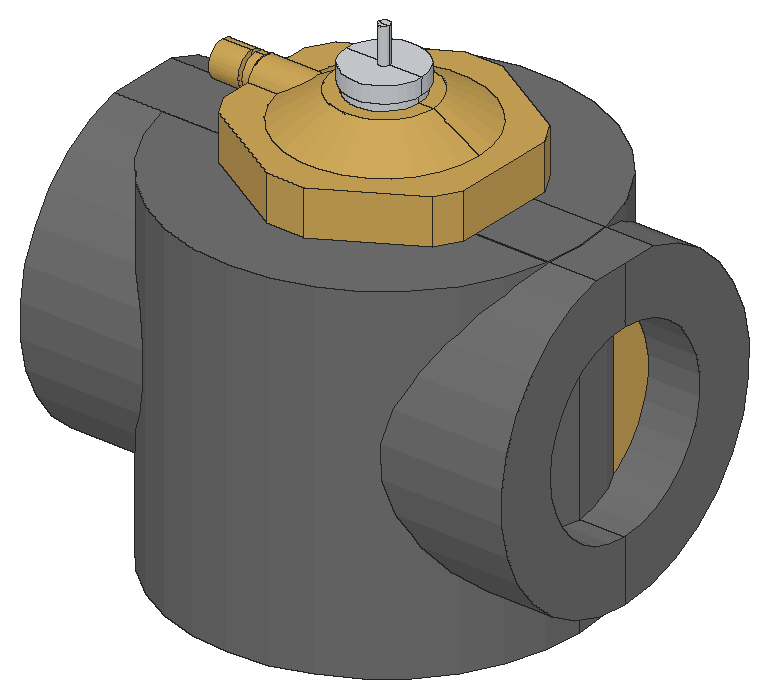
Revit family "Differenzdruckregler 4002 FIX TS 23kPa", category Rohrzubehör, Revit 2018
Family settings
  Bemaßung runder Anschluss = Durchmesser verwenden
  Teiletyp = Unterbricht
  OmniClass-Nummer = 23.65.55.14
  OmniClass-Titel = Valves for Liquid Services
  Arbeitsebenenbasiert = Nein
  Immer vertikal = Ja
  Beim Laden mit Abzugskörper schneiden = Nein
  Gemeinsam genutzt = Nein
Parameters (values of type "Mit Dämmung")
  y2 [instance] = K14 + K9 + H01  # 72.649 mm
  y1 [instance] = (R03 * 2) + R05  # 140.000 mm
  k25 = 9.000 mm
  k24 = 13.000 mm
  k23 = 6.000 mm
  k22 = 22.000 mm
  k21 = 13.000 mm
  k20 = 14.000 mm
  k19 = 2.000 mm
  Min. Betriebstemperatur (Frostschutz) = -20 °C  # constant formula
  Max. zulässige Betriebstemperatur bis DN32 = 130 °C  # constant formula
  Max. zulässige Betriebstemperatur DN40 - DN50 = 110 °C  # constant formula
  Max. Differenzdruck am Gehäuse = 400000.0 Pa  # constant formula
  Max. Betriebsdruck = 1600000.0 Pa  # constant formula
  Ventilschaft = "Edelstahl 14301"  # constant formula
  VRL01 [instance] = 30.000 mm  # constant formula
  V12 = 17.000 mm  # constant formula
  V10 = 16.000 mm  # constant formula
  V09 [instance] = 11.000 mm  # constant formula
  V08 [instance] = G01 + 3.000 mm  # 38.000 mm
  V03 [instance] = G01 + 5.000 mm  # 40.000 mm
  V02 [instance] = V01 + 4.500 mm  # 29.500 mm
  V01 [instance] = Nennweite / 2  # 25.000 mm
  URL = "www.herz-armaturen.at"
  SCRNSEQ = "ARM;ARM_TYP=\"DIFR\";2"
  SCRNCODE = "05;03;4"  # constant formula
  S07 = 10.000 mm  # constant formula
  S05 [instance] = S01 - 1.000 mm  # 25.000 mm
  S04 [instance] = S02 - 1.000 mm  # 27.000 mm
  S03 [instance] = size_lookup("4002_FIX_TS_23", "S03", 26.500 mm, Nennweite)  # 37.700 mm
  S02 [instance] = size_lookup("4002_FIX_TS_23", "S02", 19.000 mm, Nennweite)  # 28.000 mm
  S01 [instance] = size_lookup("4002_FIX_TS_23", "S01", 14.850 mm, Nennweite)  # 26.000 mm
  Regleranschlussmutter = "Messing CW614N"  # constant formula
  Regelbereich = "FIX 23kPa"  # constant formula
  R06 [instance] = size_lookup("4002_FIX_TS_23", "R06", 14.500 mm, Nennweite)  # 14.500 mm
  R05 [instance] = size_lookup("4002_FIX_TS_23", "R05", 41.000 mm, Nennweite)  # 104.000 mm
  R04 [instance] = size_lookup("4002_FIX_TS_23", "R04", 12.500 mm, Nennweite)  # 14.500 mm
  R03 [instance] = size_lookup("4002_FIX_TS_23", "R03", 8.000 mm, Nennweite)  # 18.000 mm
  R02 = 14.500 mm  # constant formula
  R01 [instance] = size_lookup("4002_FIX_TS_23", "R01", 11.500 mm, Nennweite)  # 37.600 mm
  Min. Betriebstemperatur (reines Wasser) = 2 °C  # constant formula
  O-Ringe = "EPDM"  # constant formula
  Nennweite [instance] = 50.000 mm
  Membrangehäuse = "Messing CW602N"  # constant formula
  Membrane = "EPDM"  # constant formula
  Medium = "Wasserbeschaffenheit nach ÖNORM H 5195 und VDI 2035\r\nDie Verwendung von Ethylen- und Propylenglykol ist im\r\nMischungsverhältnis 25 - 50 Vol.-% zulässig."
  L07 [instance] = size_lookup("4002_FIX_TS_23", "L07", 33.000 mm, Nennweite)  # 70.000 mm
  L06 = 7.000 mm  # constant formula
  L [instance] = size_lookup("4002_FIX_TS_23", "L", 66.000 mm, Nennweite)  # 140.000 mm
  K9 = 4.000 mm  # constant formula
  K8 = 55.000 mm  # constant formula
  K7 = 8.700 mm  # constant formula
  K6 = 11.700 mm  # constant formula
  K5 = 13.000 mm  # constant formula
  K4 = 12.000 mm  # constant formula
  K3 = 15.000 mm  # constant formula
  K2 = 2.350 mm  # constant formula
  K18 = 89.000 mm  # constant formula
  K17 = 66.700 mm  # constant formula
  K16 = 3.000 mm  # constant formula
  K15 = 26.649 mm  # constant formula
  K14 = 16.649 mm  # constant formula
  K13 = 16.649 mm  # constant formula
  K12 = 10.000 mm  # constant formula
  K11 = 35.000 mm  # constant formula
  K10 = 18.250 mm  # constant formula
  K1.1 = 2.350 mm  # constant formula
  K1 = 7.651 mm - 1.000 mm  # 6.651 mm
  J9 = 15.700 mm  # constant formula
  J8 = 7.850 mm  # constant formula
  J7 = 15.897 mm  # constant formula
  J6 = 3.900 mm  # constant formula
  J5 = 6.500 mm  # constant formula
  J4 = 1.500 mm  # constant formula
  J3 = 3.200 mm  # constant formula
  J2 = 11.000 mm  # constant formula
  J11 = 3.500 mm  # constant formula
  J10 = 18.897 mm  # constant formula
  J1 = 6.500 mm  # constant formula
  Hersteller = "HERZ-Armaturen Ges.m.b.H"  # constant formula
  H2 [instance] = size_lookup("4002_FIX_TS_23", "H2", 28.000 mm, Nennweite)  # 58.000 mm
  H1 [instance] = K1 + K2 + K3 + K4 + K5 + K7 + K8 + K16 + 16.650 mm  # 132.351 mm
  H04 = 4.000 mm  # constant formula
  H03 = 9.800 mm  # constant formula
  H02 [instance] = size_lookup("4002_FIX_TS_23", "H02", 53.000 mm, Nennweite)  # 107.000 mm
  H01 [instance] = size_lookup("4002_FIX_TS_23", "H01", 25.000 mm, Nennweite)  # 52.000 mm
  Gehäuse = "DZR Messing CC770S"  # constant formula
  G01 [instance] = size_lookup("4002_FIX_TS_23", "G01", 13.220 mm, Nennweite)  # 35.000 mm
  Hinweise zum Material = "Gemäß Art 33 der REACH-Verordnung (EG Nr. 1907/2006) sind wir verpflichtet, darauf hinzuweisen,\r\ndass der Stoff Blei auf der SVHC-Liste geführt wird und dass alle aus Messing bestehenden Bauteile,\r\ndie in unseren Erzeugnissen verarbeitet sind, mehr als 0,1 % (w/w) Blei (CAS: 7439-92-1 / EINECS:\r\n231-100-4) enthalten. Da Blei als Legierungsbestandteil fest gebunden ist, sind keine Expositionen zu\r\nerwarten und daher sind keine zusätzlichen Angaben zur sicheren Verwendung notwendig.\r\n\r\nIm Hanf enthaltenes Ammoniak schädigt\r\nMessingventilgehäuse, EPDM Dichtungen werden durch\r\nMineralöle bzw. mineralölhaltige Schmierstoffe aufgequollen\r\nund führen somit zum Ausfall der EPDM-Dichtungen. Für\r\nFrost- und Korrosionsschutzmittel auf der Basis von Ethylen- und Propylenglykol sind die entsprechenden\r\nAngaben den Unterlagen des Herstellers zu entnehmen."
  Dämmung = yes
  Dämmschale = "EPP (expandiertes Polypropylen)"  # constant formula
  Druckfeder = "Federstahl, rost-und säurebeständig"  # constant formula
  DN50 [instance] = Nennweite = 50.000 mm  # yes
  DN40 [instance] = Nennweite = 40.000 mm  # no
  DN32-40 [instance] = or(Nennweite = 32.000 mm, Nennweite = 40.000 mm)  # no
  DN32 [instance] = Nennweite = 32.000 mm  # no
  DN25 [instance] = Nennweite = 25.000 mm  # no
  DN20 [instance] = Nennweite = 20.000 mm  # no
  DN15-25 [instance] = or(Nennweite = 15.000 mm, Nennweite = 20.000 mm, Nennweite = 25.000 mm)  # no
  DN15,20,25,32,50 [instance] = or(Nennweite = 15.000 mm, Nennweite = 20.000 mm, Nennweite = 25.000 mm, Nennweite = 32.000 mm, Nennweite = 50.000 mm)  # yes
  DN15 [instance] = Nennweite = 15.000 mm  # no
  D07 [instance] = if(Nennweite = 15.000 mm, 32.000 mm, if(Nennweite = 20.000 mm, 33.000 mm, if(Nennweite = 25.000 mm, 33.000 mm, if(Nennweite = 32.000 mm, 49.000 mm, if(Nennweite = 40.000 mm, 57.560 mm, if(Nennweite = 50.000 mm, 57.560 mm, 0.000 mm))))))  # 57.560 mm
  D06 [instance] = if(Nennweite = 15.000 mm, 32.000 mm, if(Nennweite = 20.000 mm, 33.000 mm, if(Nennweite = 25.000 mm, 33.000 mm, if(Nennweite = 32.000 mm, 49.000 mm, if(Nennweite = 40.000 mm, 57.560 mm, if(Nennweite = 50.000 mm, 57.560 mm, 0.000 mm))))))  # 57.560 mm
  D05 [instance] = if(Nennweite = 15.000 mm, 36.750 mm, if(Nennweite = 20.000 mm, 40.700 mm, if(Nennweite = 25.000 mm, 49.200 mm, if(Nennweite = 32.000 mm, 54.150 mm, if(Nennweite = 40.000 mm, 60.750 mm, if(Nennweite = 50.000 mm, 72.700 mm, 0.000 mm))))))  # 72.700 mm
  D04 [instance] = if(Nennweite = 15.000 mm, 78.500 mm, if(Nennweite = 20.000 mm, 82.000 mm, if(Nennweite = 25.000 mm, 84.000 mm, if(Nennweite = 32.000 mm, 120.000 mm, if(Nennweite = 40.000 mm, 130.000 mm, if(Nennweite = 50.000 mm, 130.500 mm, 0.000 mm))))))  # 130.500 mm
  D03 [instance] = if(Nennweite = 15.000 mm, 96.000 mm, if(Nennweite = 20.000 mm, 110.000 mm, if(Nennweite = 25.000 mm, 112.000 mm, if(Nennweite = 32.000 mm, 152.000 mm, if(Nennweite = 40.000 mm, 170.000 mm, if(Nennweite = 50.000 mm, 179.000 mm, 0.000 mm))))))  # 179.000 mm
  D02 [instance] = size_lookup("4002_FIX_TS_23", "R05", 41.000 mm, Nennweite)  # 104.000 mm
  D01 [instance] = size_lookup("4002_FIX_TS_23", "G01", 13.220 mm, Nennweite)  # 35.000 mm
  Bestellnummer Dämmung [instance] = if(and(Dämmung, Nennweite = 15.000 mm), 1409611, if(and(Dämmung, Nennweite = 20.000 mm), 1409612, if(and(Dämmung, Nennweite = 25.000 mm), 1409613, if(and(Dämmung, Nennweite = 32.000 mm), 1409614, if(and(Dämmung, Nennweite = 40.000 mm), 1409615, if(and(Dämmung, Nennweite = 50.000 mm), 1409616, 0))))))  # 1409616
  Bestellnummer [instance] = size_lookup("4002_FIX_TS_23", "Artnr", 0, Nennweite)  # 1400286
  B2 [instance] = size_lookup("4002_FIX_TS_23", "B2", 31.000 mm, Nennweite)  # 41.000 mm
  B1 [instance] = size_lookup("4002_FIX_TS_23", "B1", 26.000 mm, Nennweite)  # 41.000 mm
  B04 = 100.649 mm  # constant formula
  B03 = 44.500 mm  # constant formula
  B02 = 104.688 mm  # constant formula
  B01 = 10.000 mm  # constant formula
  Anwendungsgebiet = "Der Differenzdruckregler ist ein Regler mit linearer Kennlinie in Geradsitzausführung und arbeitet ohne Hilfsenergie. Der Differenzdruck-Sollwert beträgt 23 kPa, 50 kPa bzw 13 kPa. Im Lieferumfang enthalten ist die Impulsleitung (1000 mm), diese ist mit einem Strangregulierventil im Vorlauf zu verbinden."
  Anschlussnippel = "Messing CW602N"  # constant formula
  Anschlussgewinde für Antrieb = "Messing CW602N"  # constant formula
Types (2, lengths in mm): name | y2 | y1 | V08 | V03 | V02 | V01 | S05 | S04 | S03 | S02 | S01 | R05 | R04 | R03 | R01 | Nennweite | L07 | L | H2 | H02 | H01 | G01 | Dämmung | DN50 | DN15-25 | DN15 | D07 | D06 | D05 | D04 | D03 | D02 | D01 | Bestellnummer Dämmung | Bestellnummer | B2 | B1
  Ohne Dämmung | 45.649 | 66.000 | 16.220 | 18.220 | 12.000 | 7.500 | 13.850 | 18.000 | 25.600 | 19.000 | 14.850 | 50.000 | 12.500 | 8.000 | 11.500 | 15.000 | 33.000 | 66.000 | 28.000 | 53.000 | 25.000 | 13.220 | no | no | yes | yes | 32.000 | 32.000 | 36.750 | 78.500 | 96.000 | 50.000 | 13.220 | 0 | 1400281 | 31.000 | 26.000
  Mit Dämmung | 72.649 | 140.000 | 38.000 | 40.000 | 29.500 | 25.000 | 25.000 | 27.000 | 37.700 | 28.000 | 26.000 | 104.000 | 14.500 | 18.000 | 37.600 | 50.000 | 70.000 | 140.000 | 58.000 | 107.000 | 52.000 | 35.000 | yes | yes | no | no | 57.560 | 57.560 | 72.700 | 130.500 | 179.000 | 104.000 | 35.000 | 1409616 | 1400286 | 41.000 | 41.000
Reference planes
  plane 1 "Mitte (Vorne/hinten)": y = 0
  plane 2: z = 0
  plane 3 "Mitte (Links/rechts)": x = 0
Forms (mm)
  Revolve 1, solid, material "Messing, weicher Gelbton, geschweißt", detail levels fine
    sketch origin (0, 0, 0) x (1, 0, 0) y (0, 0, 1)
      loop
        line (-70, 0) -> (70, 0) -> (70, 35) -> (52, 35) -> (52, 37.6) -> (-52, 37.6) -> (-52, 35) -> (-70, 35) -> (-70, 0)
      axis (-70, 0) -> (70, 0)
    angle from 0 to 360
  Revolve 2, solid, material "Messing, weicher Gelbton, geschweißt", detail levels fine
    sketch origin (0, 0, 0) x (1, 0, 0) y (0, 0, 1)
      loop
        line (0, -58) -> (0, 0) -> (-27, 0) -> (-27, -48.2) -> (-28, -48.2) -> (-28, -58) -> (0, -58)
      axis (0, 0) -> (0, -58)
    angle from 0 to 360
  Extrusion 3, solid, material "Messing, weicher Gelbton, geschweißt", detail levels fine
    sketch origin (0, 0, 0) x (0, -1, 0) y (1, 0, 0)
      loop
        line (-46, -7.038) -> (-27.114, -39.75) -> (-18.886, -44.5) -> (18.886, -44.5) -> (27.114, -39.75) -> (46, -7.038) -> (46, 7.038) -> (27.114, 39.75) -> (18.886, 44.5) -> (-18.886, 44.5) -> (-27.114, 39.75) -> (-46, 7.038) -> (-46, -7.038)
    from 56 to 72.649
  Revolve 4, solid, material "Messing, weicher Gelbton, geschweißt", detail levels fine
    sketch origin (0, 0, -7.051) x (1, 0, 0) y (0, 0, 1)
      loop
        line (0, 79.7) -> (0, 89.7) -> (-18.25, 89.7) -> (-35, 79.7) -> (0, 79.7)
      axis (0, 89.7) -> (0, 79.7)
    angle from 0 to 360
  Revolve 5, solid, material "Messing, weicher Gelbton, geschweißt", visible <- "DN15-25", detail levels fine
    sketch origin (-11, 0, 0) x (1, 0, 0) y (0, 1, 0)
      loop
        line (-3.5, 41) -> (-11.2, 41) -> (-11.2, 0) -> (-3.5, 0) -> (-3.5, 41)
      axis (-3.5, 0) -> (-3.5, 41)
    angle from 0 to 360
  Revolve 6, solid, material "Messing, weicher Gelbton, geschweißt", detail levels fine
    sketch origin (-0.988, 0, -6.853) x (-1, 0, 0) y (0, 0, 1)
      loop
        line (43.5, 78.75) -> (59.2, 78.75) -> (59.2, 85.25) -> (48.2, 85.25) -> (48.2, 82.65) -> (46.7, 82.65) -> (46.7, 85.25) -> (43.5, 85.25) -> (43.5, 78.75)
      axis (43.5, 78.75) -> (59.2, 78.75)
    angle from 0 to 360
  Extrusion 7, solid, material "Messing, weicher Gelbton, geschweißt", detail levels fine
    sketch origin (0, 0, 0) x (0, 1, 0) y (0, 0, -1)
      loop
        line (7.85, -70.547) -> (7.85, -59.5) -> (-7.85, -59.5) -> (-7.85, -70.547)
        arc (-7.85, -70.547) -> (0, -78.397) -> (7.85, -70.547) r 7.85
    from 0 to 44.5
  Revolve 8, solid, material "Messing, weicher Gelbton, geschweißt", visible <- "DN15-25", detail levels fine
    sketch origin (-2, 0, 0) x (1, 0, 0) y (0, 1, 0)
      loop
        line (-12.5, 0) -> (-21.5, 0) -> (-21.5, -41) -> (-12.5, -41) -> (-12.5, 0)
      axis (-12.5, 0) -> (-12.5, -41)
    angle from 0 to 360
  Revolve 9, solid, material "Messing, weicher Gelbton, geschweißt", visible <- "DN15-25", detail levels fine
    sketch origin (2, 0, 0) x (1, 0, 0) y (0, 1, 0)
      loop
        line (12.5, 0) -> (12.5, -41) -> (21.6, -41) -> (21.6, 0) -> (12.5, 0)
      axis (12.5, 0) -> (12.5, -41)
    angle from 0 to 360
  Extrusion 10, solid, material "Messing, weicher Gelbton, geschweißt", visible <- "DN32", detail levels fine
    sketch origin (-31.5, 0, 0) x (1, 0, 0) y (0, 1, 0)
      loop
        circle (63, 0) r 6.578
      loop
        circle (63, 0) r 3.28
    from -47 to 0
  Extrusion 11, solid, material "Messing, weicher Gelbton, geschweißt", visible <- "DN32", detail levels fine
    sketch origin (31.5, 0, 0) x (-1, 0, 0) y (0, -1, 0)
      loop
        circle (63, 0) r 6.578
      loop
        circle (63, 0) r 3.28
    from -47 to 0
  Revolve 12, solid, material "Messing, weicher Gelbton, geschweißt", detail levels fine
    sketch origin (0, 0, 0) x (1, 0, 0) y (0, 0, 1)
      loop
        line (-25, 0) -> (0, 0) -> (0, 56) -> (-21, 56) -> (-21, 52) -> (-26, 52) -> (-26, 42.2) -> (-25, 42.2) -> (-25, 0)
      axis (0, 56) -> (0, 0)
    angle from 0 to 360
  Extrusion 13, solid, material "Messing, weicher Gelbton, geschweißt", visible <- "DN40", detail levels fine
    sketch origin (29.382, 0, 0) x (-1, 0, 0) y (0, -1, 0)
      loop
        circle (63, 0) r 6.578
      loop
        circle (63, 0) r 3.28
    from -58 to 0
  Extrusion 14, solid, material "Messing, weicher Gelbton, geschweißt", visible <- "DN40", detail levels fine
    sketch origin (-29.455, 0, 0) x (1, 0, 0) y (0, 1, 0)
      loop
        circle (63, 0) r 6.578
      loop
        circle (63, 0) r 3.28
    from -58 to 0
  Extrusion 15, solid, material "Messing, weicher Gelbton, geschweißt", visible <- "DN50", detail levels fine
    sketch origin (28.422, 0, 0) x (-1, 0, 0) y (0, -1, 0)
      loop
        circle (63, 0) r 6.578
      loop
        circle (63, 0) r 3.28
    from -58 to 0
  Extrusion 16, solid, material "Messing, weicher Gelbton, geschweißt", visible <- "DN50", detail levels fine
    sketch origin (-28.422, 0, 0) x (1, 0, 0) y (0, 1, 0)
      loop
        circle (63, 0) r 6.578
      loop
        circle (63, 0) r 3.28
    from -58 to 0
  Revolve 17, solid, material "Messing, weicher Gelbton, geschweißt", visible <- "DN32-40", detail levels fine
    sketch origin (-11, 0, 0) x (1, 0, 0) y (0, 1, 0)
      loop
        line (-3.5, -41) -> (-3.5, 0) -> (-11.2, 0) -> (-11.2, -41) -> (-3.5, -41)
      axis (-3.5, 0) -> (-3.5, -41)
    angle from 0 to 360
  Revolve 18, solid, material "Messing, weicher Gelbton, geschweißt", not visible, detail levels fine
    sketch origin (10.652, 0, 0) x (-1, 0, 0) y (0, 0, 1)
      loop
        line (80.652, 0) -> (110.652, 0) -> (110.652, 25) -> (93.652, 25) -> (93.652, 29.5) -> (84.652, 29.5) -> (84.652, 40) -> (77.652, 40) -> (77.652, 38) -> (62.652, 38) -> (62.652, 35) -> (80.652, 35) -> (80.652, 0)
      axis (62.652, 0) -> (110.652, 0)
    angle from 0 to 360
  Revolve 19, solid, material "Messing, weicher Gelbton, geschweißt", not visible, detail levels fine
    sketch origin (-9.448, 0, 0) x (1, 0, 0) y (0, 0, 1)
      loop
        line (79.448, 0) -> (109.448, 0) -> (109.448, 25) -> (92.448, 25) -> (92.448, 29.5) -> (83.448, 29.5) -> (83.448, 40) -> (76.448, 40) -> (76.448, 38) -> (61.448, 38) -> (61.448, 35) -> (79.448, 35) -> (79.448, 0)
      axis (61.448, 0) -> (109.448, 0)
    angle from 0 to 360
  Revolve 20, solid, detail levels fine
    sketch origin (0, 0, 0) x (1, 0, 0) y (0, 0, 1)
      loop
        line (0, 82.649) -> (0, 104.649) -> (-2, 104.649) -> (-2, 91.649) -> (-14, 91.649) -> (-14, 85.649) -> (-13, 85.649) -> (-13, 82.649) -> (0, 82.649)
      axis (0, 104.649) -> (0, 82.649)
    angle from 0 to 360
  Revolve 21, solid, material "Kunststoff-Anthrazit/Schwarz", visible <- "Dämmung", detail levels fine
    sketch origin (0, 0, 0) x (1, 0, 0) y (0, 0, 1)
      loop
        line (89.5, 57.56) -> (-89.5, 57.56) -> (-89.5, 35) -> (-52, 35) -> (-52, 0) -> (0, 0) -> (52, 0) -> (52, 35) -> (89.5, 35) -> (89.5, 57.56)
      axis (-89.5, 0) -> (89.5, 0)
    angle from 0 to 360
  Revolve 22, solid, material "Kunststoff-Anthrazit/Schwarz", visible <- "Dämmung", detail levels fine
    sketch origin (0, 0, 0) x (1, 0, 0) y (0, 0, 1)
      loop
        line (0, -72.94) -> (72.7, -72.94) -> (72.7, 57.56) -> (0, 57.56) -> (0, -72.94)
      axis (0, 57.56) -> (0, -72.94)
    angle from 0 to 360
  Extrusion 23, void
    sketch origin (-283.267, -47.5, 0) x (1, 0, 0) y (0, 1, 0)
      loop
        line (192.065, -46.754) -> (378.267, -46.754) -> (378.267, 136.9) -> (192.065, 136.9) -> (192.065, -46.754)
    from 56 to 72.649
  Extrusion 24, void
    sketch origin (-265.832, -47.5, 0) x (1, 0, 0) y (0, 1, 0)
      loop
        line (148.665, -27.107) -> (383, -27.107) -> (383, 142.5) -> (148.665, 142.5) -> (148.665, -27.107)
    from 56 to 72.649
Cuts and joins
  Extrusion 23 cuts Revolve 21
  Extrusion 24 cuts Revolve 22
Lines and regions (mm)
  model lines, detail levels coarse+medium
    curve 1: line (70, -35, 0) -> (70, 35, 0)
    curve 2: line (70, 35, 0) -> (-70, -35, 0)
    curve 3: line (-70, -35, 0) -> (-70, 35, 0)
    curve 4: line (-70, 35, 0) -> (70, -35, 0)
    curve 5: line (0, -42, 0) -> (0, -56, 0)
    curve 6: spline (-44.5, -64.324, 0) -> (-42.984, -62.17, 0) -> (-38.538, -60.162, 0) -> (-31.466, -58.438, 0) -> (-22.25, -57.115, 0) -> (-11.517, -56.284, 0) -> (0, -56, 0) -> (11.517, -56.284, 0) -> (22.25, -57.115, 0) -> (31.466, -58.438, 0) -> (38.538, -60.162, 0) -> (42.984, -62.17, 0) -> (44.5, -64.325, 0) -> (42.984, -66.479, 0) -> (38.538, -68.487, 0) -> (31.466, -70.211, 0) -> (22.25, -71.534, 0) -> (11.517, -72.365, 0) -> (0, -72.649, 0) -> (-11.517, -72.365, 0) -> (-22.25, -71.534, 0) -> (-31.466, -70.211, 0) -> (-38.538, -68.487, 0) -> (-42.984, -66.479, 0) -> (-44.5, -64.324, 0)
    curve 7: line (-70, 0, 35) -> (-70, 0, -35)
    curve 8: line (-70, 0, -35) -> (70, 0, 35)
    curve 9: line (70, 0, 35) -> (70, 0, -35)
    curve 10: line (70, 0, -35) -> (-70, 0, 35)
    curve 11: line (0, 0, 35) -> (0, 0, 56)
    curve 12: spline (-44.5, 0, 64.325) -> (-42.984, 0, 66.479) -> (-38.538, 0, 68.487) -> (-31.466, 0, 70.211) -> (-22.25, 0, 71.534) -> (-11.517, 0, 72.365) -> (0, 0, 72.649) -> (11.517, 0, 72.365) -> (22.25, 0, 71.534) -> (31.466, 0, 70.211) -> (38.538, 0, 68.487) -> (42.984, 0, 66.479) -> (44.5, 0, 64.324) -> (42.984, 0, 62.17) -> (38.538, 0, 60.162) -> (31.466, 0, 58.438) -> (22.25, 0, 57.115) -> (11.517, 0, 56.284) -> (0, 0, 56) -> (-11.517, 0, 56.284) -> (-22.25, 0, 57.115) -> (-31.466, 0, 58.438) -> (-38.538, 0, 60.162) -> (-42.984, 0, 62.17) -> (-44.5, 0, 64.325)
    curve 13: line (0, 0, 35) -> (35, 0, 17.5)
    curve 14: line (0, 0, 35) -> (-35, 0, 17.5)
    curve 15: line (70, 0, 0) -> (100, 0, 0)
    curve 16: line (-70, 0, 0) -> (-100, 0, 0)
    curve 17: line (0, -42, 0) -> (-18.2, -9.1, 0)
    curve 18: line (0, -42, 0) -> (18.2, -9.1, 0)
    curve 19: line (70, 0, 35) -> (70, 0, -35)
    curve 20: line (70, 0, 35) -> (80, 0, 35)
    curve 21: line (80, 0, 35) -> (70, 0, 0)
    curve 22: line (80, 0, -35) -> (70, 0, 0)
    curve 23: line (70, 0, -35) -> (80, 0, -35)
    curve 24: line (-70, 0, 35) -> (-70, 0, -35)
    curve 25: line (-70, 0, 35) -> (-80, 0, 35)
    curve 26: line (-80, 0, 35) -> (-70, 0, 0)
    curve 27: line (-80, 0, -35) -> (-70, 0, 0)
    curve 28: line (-70, 0, -35) -> (-80, 0, -35)
    curve 29: line (-70, 35, 0) -> (-80, 35, 0)
    curve 30: line (-80, 35, 0) -> (-70, 0, 0)
    curve 31: line (-70, -35, 0) -> (-80, -35, 0)
    curve 32: line (-80, -35, 0) -> (-70, 0, 0)
    curve 33: line (70, -35, 0) -> (70, 35, 0)
    curve 34: line (70, 35, 0) -> (80, 35, 0)
    curve 35: line (80, 35, 0) -> (70, 0, 0)
    curve 36: line (70, -35, 0) -> (80, -35, 0)
    curve 37: line (80, -35, 0) -> (70, 0, 0)
Dimensions and locks
  "G01": Revolve 1 sketch curve to Revolve 1 sketch curve  (x2)
  "R01": Revolve 1 sketch curve to Revolve 1 sketch curve
  "R03": Revolve 1 sketch curve to Revolve 1 sketch curve  (x2)
  "K10": Revolve 4 sketch curve to Revolve 4 sketch curve
  "K11": Revolve 4 sketch curve to Revolve 4 sketch curve
  "B1": Revolve 5 sketch curve to Revolve 5 sketch curve
  "J1": Revolve 6 sketch curve to Revolve 6 sketch curve
  "J3": Revolve 6 sketch curve to Revolve 6 sketch curve
  "J4": Revolve 6 sketch curve to Revolve 6 sketch curve
  "J2": Revolve 6 sketch curve to Revolve 6 sketch curve
  "J5": Revolve 6 sketch curve to Revolve 6 sketch curve
  "J6": Revolve 6 sketch curve to Revolve 6 sketch curve
  "H2": plane 2 to Revolve 2 sketch curve
  "H03": Revolve 2 sketch curve to Revolve 2 sketch curve
  "S02": plane 3 "Mitte (Links/rechts)" to Revolve 2 sketch curve
  "B02": Revolve 6 to Extrusion 3
  "B03": Extrusion 3 to plane 3 "Mitte (Links/rechts)"
  "R04": Revolve 5 sketch curve to plane 3 "Mitte (Links/rechts)"
  "K12": Revolve 4 sketch curve to Revolve 4 sketch curve
  "K13": Revolve 4 sketch curve to Extrusion 3
  "K14": Extrusion 3 to Extrusion 3
  "R05": Revolve 1 sketch curve to Revolve 1 sketch curve
  plane 3 "Mitte (Links/rechts)" to Revolve 1 sketch curve = 70.000 mm
  Revolve 1 sketch curve to plane 3 "Mitte (Links/rechts)" = 70.000 mm
  equal spacing: Revolve 1 sketch curve, plane 3 "Mitte (Links/rechts)", Revolve 1 sketch curve
  "B2": plane 1 "Mitte (Vorne/hinten)" to Revolve 8 sketch curve
  "B2": Revolve 9 sketch curve to plane 1 "Mitte (Vorne/hinten)"
  "R06": Revolve 8 sketch curve to plane 3 "Mitte (Links/rechts)"
  "R06": plane 3 "Mitte (Links/rechts)" to Revolve 9 sketch curve
  "S01": Revolve 12 sketch curve to plane 3 "Mitte (Links/rechts)"
  "S05": plane 3 "Mitte (Links/rechts)" to Revolve 12 sketch curve
  "H04": Revolve 12 sketch curve to Revolve 12 sketch curve
  "H03": Revolve 12 sketch curve to Revolve 12 sketch curve
  "H01": Revolve 12 sketch curve to plane 2
  "K9": Extrusion 3 to Revolve 12
  Revolve 2 sketch curve to Revolve 2 sketch curve = 1.000 mm
  "J7": Revolve 6 sketch curve to Extrusion 3
  "J9": Extrusion 7 sketch curve to Extrusion 7 sketch curve
  "J10": Revolve 6 to Extrusion 7 sketch curve
  "J11": Extrusion 7 sketch curve to Extrusion 3
  equal spacing: curve 7, curve 6, curve 9
  "K18": Extrusion 3 to Extrusion 3
  equal spacing: curve 7, curve 14, curve 14
  equal spacing: curve 14, curve 13, curve 9
  "G01": curve 10 to plane 2
  "G01": plane 2 to curve 8
  "G01": curve 9 to plane 2
  "G01": plane 2 to curve 10
  "K18": curve 12 to curve 12
  "y1": curve 7 to curve 9
  "G01": curve 14 to plane 2
  "K14": curve 12 to curve 12
  "y2": curve 12 to plane 2
  "G01": plane 1 "Mitte (Vorne/hinten)" to curve 4
  "G01": curve 3 to plane 1 "Mitte (Vorne/hinten)"
  equal spacing: curve 3, curve 12, curve 1
  equal spacing: curve 3, curve 18, curve 1
  "y1": curve 3 to curve 1
  "G01": plane 1 "Mitte (Vorne/hinten)" to curve 2
  "G01": curve 4 to plane 1 "Mitte (Vorne/hinten)"
  "K18": curve 6 to curve 6
  "K14": curve 6 to curve 6
  "y2": curve 6 to plane 1 "Mitte (Vorne/hinten)"
  "B1": Revolve 17 sketch curve to Revolve 17 sketch curve
  "R04": Revolve 17 sketch curve to plane 3 "Mitte (Links/rechts)"
  "R03": Revolve 18 sketch curve to Revolve 18 sketch curve
  "V10": Revolve 18 sketch curve to Revolve 18 sketch curve
  "V12": Revolve 18 sketch curve to Revolve 18 sketch curve
  "VRL01": Revolve 18 sketch curve to Revolve 18 sketch curve
  "V02": Revolve 18 sketch curve to plane 2
  "V01": Revolve 18 sketch curve to plane 2
  "G01": Revolve 18 sketch curve to plane 2
  "V08": Revolve 18 sketch curve to plane 2
  "V03": Revolve 18 sketch curve to plane 2
  "R03": Revolve 19 sketch curve to Revolve 19 sketch curve
  "V10": Revolve 19 sketch curve to Revolve 19 sketch curve
  "V12": Revolve 19 sketch curve to Revolve 19 sketch curve
  "VRL01": Revolve 19 sketch curve to Revolve 19 sketch curve
  "V01": Revolve 19 sketch curve to plane 2
  "V02": Revolve 19 sketch curve to plane 2
  "G01": Revolve 19 sketch curve to plane 2
  "V08": Revolve 19 sketch curve to plane 2
  "V03": Revolve 19 sketch curve to plane 2
  "L07": Revolve 18 to plane 3 "Mitte (Links/rechts)"
  "L07": plane 3 "Mitte (Links/rechts)" to Revolve 19
  "S07": curve 28 to Revolve 18
  "S07": curve 26 to Revolve 18
  "S07": Revolve 19 to curve 21
  "S07": Revolve 19 to curve 23
  "G01": plane 2 to curve 28
  "G01": curve 25 to plane 2
  "G01": curve 20 to plane 2
  "G01": plane 2 to curve 23
  "S07": curve 30 to curve 3
  "S07": curve 32 to curve 3
  "S07": curve 33 to curve 35
  "S07": curve 33 to curve 37
  "k20": Revolve 20 sketch curve to Revolve 20 sketch curve
  "k24": Revolve 20 sketch curve to Revolve 20 sketch curve
  "k23": Revolve 20 sketch curve to Revolve 20 sketch curve
  "k21": Revolve 20 sketch curve to Revolve 20 sketch curve
  "k22": Revolve 20 sketch curve to Revolve 20 sketch curve
  "k19": Revolve 20 sketch curve to Revolve 20 sketch curve
  "k25": Revolve 20 to Revolve 4
  "D07": Revolve 21 sketch curve to plane 2
  "D01": Revolve 21 sketch curve to plane 2  (x2)
  "D02": Revolve 21 sketch curve to Revolve 21 sketch curve
  equal spacing: Revolve 21 sketch curve, plane 3 "Mitte (Links/rechts)", Revolve 21 sketch curve  (x2)
  "D03": Revolve 21 sketch curve to Revolve 21 sketch curve
  "D05": Revolve 22 sketch curve to Revolve 22 sketch curve
  "D04": Revolve 22 sketch curve to Revolve 22 sketch curve
  "D06": Revolve 22 sketch curve to plane 2
  "K14": Extrusion 23 to Extrusion 23
  "K14": Extrusion 23 to Extrusion 3
  "K14": Extrusion 24 to Extrusion 24
  "K14": Extrusion 24 to Extrusion 3
  "J8": radius of Extrusion 7 sketch curve
  aligned and locked: level to plane 2
Automatic sketch dimensions
  plane 3 "Mitte (Links/rechts)" to Extrusion 3 sketch curve = 7.038 mm  (x2)
  Extrusion 3 sketch curve to plane 1 "Mitte (Vorne/hinten)" = 46.000 mm
  Extrusion 3 sketch curve to plane 1 "Mitte (Vorne/hinten)" = 27.114 mm  (x2)
  Extrusion 3 sketch curve to Extrusion 3 sketch curve = 8.227 mm  (x4)
  plane 1 "Mitte (Vorne/hinten)" to Extrusion 3 sketch curve = 18.886 mm  (x2)
  Extrusion 3 sketch curve to Extrusion 3 sketch curve = 18.886 mm
  Extrusion 3 sketch curve to plane 3 "Mitte (Links/rechts)" = 7.038 mm  (x2)
  Extrusion 3 sketch curve to Extrusion 3 sketch curve = 32.712 mm  (x4)
  Extrusion 3 sketch curve to Extrusion 3 sketch curve = 4.750 mm  (x2)
  Extrusion 10 sketch curve to Extrusion 10 sketch curve = 0.000 mm  (x2)
  plane 1 "Mitte (Vorne/hinten)" to Extrusion 10 sketch curve = 0.000 mm
  plane 3 "Mitte (Links/rechts)" to Extrusion 10 sketch curve = 31.500 mm
  Extrusion 11 sketch curve to Extrusion 11 sketch curve = 0.000 mm  (x2)
  plane 1 "Mitte (Vorne/hinten)" to Extrusion 11 sketch curve = 0.000 mm
  plane 3 "Mitte (Links/rechts)" to Extrusion 11 sketch curve = 31.500 mm
  Extrusion 13 sketch curve to Extrusion 13 sketch curve = 0.000 mm  (x2)
  plane 1 "Mitte (Vorne/hinten)" to Extrusion 13 sketch curve = 0.000 mm
  plane 3 "Mitte (Links/rechts)" to Extrusion 13 sketch curve = 33.618 mm
  Extrusion 14 sketch curve to Extrusion 14 sketch curve = 0.000 mm  (x2)
  plane 1 "Mitte (Vorne/hinten)" to Extrusion 14 sketch curve = 0.000 mm
  plane 3 "Mitte (Links/rechts)" to Extrusion 14 sketch curve = 33.545 mm
  Extrusion 15 sketch curve to Extrusion 15 sketch curve = 0.000 mm  (x2)
  plane 1 "Mitte (Vorne/hinten)" to Extrusion 15 sketch curve = 0.000 mm
  plane 3 "Mitte (Links/rechts)" to Extrusion 15 sketch curve = 34.578 mm
  Extrusion 16 sketch curve to Extrusion 16 sketch curve = 0.000 mm  (x2)
  plane 1 "Mitte (Vorne/hinten)" to Extrusion 16 sketch curve = 0.000 mm
  plane 3 "Mitte (Links/rechts)" to Extrusion 16 sketch curve = 34.578 mm
  Extrusion 23 sketch curve to plane 1 "Mitte (Vorne/hinten)" = 89.400 mm
  Extrusion 23 sketch curve to plane 3 "Mitte (Links/rechts)" = 91.202 mm
  Extrusion 23 sketch curve to Extrusion 23 sketch curve = 186.202 mm
  plane 1 "Mitte (Vorne/hinten)" to Extrusion 23 sketch curve = 94.254 mm
  Extrusion 24 sketch curve to plane 1 "Mitte (Vorne/hinten)" = 95.000 mm
  Extrusion 24 sketch curve to plane 3 "Mitte (Links/rechts)" = 117.168 mm
  Extrusion 24 sketch curve to Extrusion 24 sketch curve = 234.335 mm
  plane 1 "Mitte (Vorne/hinten)" to Extrusion 24 sketch curve = 74.607 mm
  curve 16 to level = 0.000 mm
  curve 11 to plane 3 "Mitte (Links/rechts)" = 0.000 mm
  curve 12 to plane 3 "Mitte (Links/rechts)" = 0.000 mm
  curve 15 to level = 0.000 mm
  curve 16 to curve 16 = 30.000 mm
  curve 15 to curve 15 = 30.000 mm
  plane 1 "Mitte (Vorne/hinten)" to curve 30 = 0.000 mm
  plane 1 "Mitte (Vorne/hinten)" to curve 32 = 0.000 mm
  curve 18 to plane 3 "Mitte (Links/rechts)" = 0.000 mm
  curve 6 to plane 3 "Mitte (Links/rechts)" = 0.000 mm
  plane 1 "Mitte (Vorne/hinten)" to curve 35 = 0.000 mm
  plane 1 "Mitte (Vorne/hinten)" to curve 37 = 0.000 mm
  curve 5 to curve 17 = 14.000 mm
  plane 1 "Mitte (Vorne/hinten)" to curve 17 = 9.100 mm
  plane 1 "Mitte (Vorne/hinten)" to curve 18 = 9.100 mm
  Revolve 1 sketch curve to level = 0.000 mm  (x2)
  Revolve 1 sketch curve to Revolve 1 sketch curve = 1473.530 mm
  Revolve 1 sketch curve to Revolve 1 sketch curve = 1806.148 mm
  Revolve 2 sketch curve to level = 0.000 mm
  Revolve 2 sketch curve to plane 3 "Mitte (Links/rechts)" = 0.000 mm  (x2)
  Revolve 2 sketch curve to Revolve 2 sketch curve = 1.000 mm
  Revolve 2 sketch curve to Revolve 2 sketch curve = 334.045 mm
  level to Revolve 2 sketch curve = 2218.015 mm
  Revolve 4 sketch curve to plane 3 "Mitte (Links/rechts)" = 0.000 mm  (x2)
  Revolve 4 sketch curve to level = 373.096 mm
  Revolve 4 sketch curve to Revolve 4 sketch curve = 2155.315 mm
  plane 1 "Mitte (Vorne/hinten)" to Revolve 5 sketch curve = 0.000 mm  (x2)
  Revolve 5 sketch curve to Revolve 5 sketch curve = 0.000 mm  (x2)
  Revolve 5 sketch curve to Revolve 5 sketch curve = 7.700 mm
  plane 3 "Mitte (Links/rechts)" to Revolve 6 sketch curve = 44.488 mm
  Revolve 6 sketch curve to Revolve 6 sketch curve = 0.000 mm  (x3)
  Extrusion 7 sketch curve to plane 1 "Mitte (Vorne/hinten)" = 0.000 mm
  Extrusion 7 sketch curve to Extrusion 7 sketch curve = 11.047 mm
  Extrusion 7 sketch curve to Extrusion 7 sketch curve = 0.000 mm
  plane 1 "Mitte (Vorne/hinten)" to Revolve 8 sketch curve = 0.000 mm  (x2)
  Revolve 8 sketch curve to Revolve 8 sketch curve = 9.000 mm
  Revolve 8 sketch curve to Revolve 8 sketch curve = 0.000 mm  (x2)
  plane 1 "Mitte (Vorne/hinten)" to Revolve 9 sketch curve = 0.000 mm  (x2)
  Revolve 9 sketch curve to Revolve 9 sketch curve = 9.100 mm
  Revolve 9 sketch curve to Revolve 9 sketch curve = 0.000 mm  (x2)
  Revolve 12 sketch curve to level = 0.000 mm  (x2)
  Revolve 12 sketch curve to plane 3 "Mitte (Links/rechts)" = 0.000 mm  (x2)
  Revolve 12 sketch curve to Revolve 12 sketch curve = 5.000 mm
  Revolve 12 sketch curve to Revolve 12 sketch curve = 0.000 mm
  plane 1 "Mitte (Vorne/hinten)" to Revolve 17 sketch curve = 0.000 mm  (x2)
  Revolve 17 sketch curve to Revolve 17 sketch curve = 7.700 mm
  Revolve 17 sketch curve to Revolve 17 sketch curve = 0.000 mm  (x2)
  Revolve 18 sketch curve to level = 0.000 mm  (x2)
  plane 3 "Mitte (Links/rechts)" to Revolve 18 sketch curve = 52.000 mm
  Revolve 18 sketch curve to Revolve 18 sketch curve = 4.000 mm
  Revolve 18 sketch curve to Revolve 18 sketch curve = 0.000 mm  (x2)
  Revolve 19 sketch curve to level = 0.000 mm  (x2)
  plane 3 "Mitte (Links/rechts)" to Revolve 19 sketch curve = 52.000 mm
  Revolve 19 sketch curve to Revolve 19 sketch curve = 4.000 mm
  Revolve 19 sketch curve to Revolve 19 sketch curve = 0.000 mm  (x2)
  curve 26 to level = 0.000 mm
  curve 27 to level = 0.000 mm
  curve 22 to level = 0.000 mm
  curve 21 to level = 0.000 mm
  curve 27 to curve 28 = 10.000 mm
  curve 19 to curve 20 = 10.000 mm
  Revolve 20 sketch curve to plane 3 "Mitte (Links/rechts)" = 0.000 mm  (x2)
  level to Revolve 20 sketch curve = 82.649 mm
  Revolve 20 sketch curve to Revolve 20 sketch curve = 0.000 mm  (x2)
  Revolve 21 sketch curve to level = 0.000 mm  (x2)
  Revolve 21 sketch curve to plane 3 "Mitte (Links/rechts)" = 0.000 mm
  Revolve 21 sketch curve to Revolve 21 sketch curve = 0.000 mm  (x2)
  Revolve 22 sketch curve to plane 3 "Mitte (Links/rechts)" = 0.000 mm  (x2)
  Revolve 22 sketch curve to Revolve 22 sketch curve = 0.000 mm  (x2)
  radius of Extrusion 10 sketch curve = 6.578 mm
  radius of Extrusion 10 sketch curve = 3.280 mm
  radius of Extrusion 11 sketch curve = 6.578 mm
  radius of Extrusion 11 sketch curve = 3.280 mm
  radius of Extrusion 13 sketch curve = 6.578 mm
  radius of Extrusion 13 sketch curve = 3.280 mm
  radius of Extrusion 14 sketch curve = 6.578 mm
  radius of Extrusion 14 sketch curve = 3.280 mm
  radius of Extrusion 15 sketch curve = 6.578 mm
  radius of Extrusion 15 sketch curve = 3.280 mm
  radius of Extrusion 16 sketch curve = 6.578 mm
  radius of Extrusion 16 sketch curve = 3.280 mm
Nested families
  nested 1: "Herz-Logo-vorne" at (-0.018, 17.815, -12.904) x (0, -1, 0) z (0, 0, 1), type "Herz-Logo-vorne", detail levels fine
  nested 2: "Herz-Logo-vorne" at (-0.018, 29.612, 0) x (0, -1, 0) z (0, 0, 1), visible <- "DN32", type "Herz-Logo-vorne", detail levels fine
  nested 3: "Herz-Logo-vorne" at (-0.018, 38.665, 0) x (0, -1, 0) z (0, 0, 1), visible <- "DN40", type "Herz-Logo-vorne", detail levels fine
  nested 4: "Herz-Logo-vorne" at (-0.018, 37.548, 0) x (0, -1, 0) z (0, 0, 1), visible <- "DN50", type "Herz-Logo-vorne", detail levels fine
Connectors
  piping at (-70, 0, 0), diameter 50, driven by "Nennweite"
    settings: on Revolve 1, index 1, connector inside diameter 609.6 mm, connector length 0.000 mm, flow factor 0, pipe flow 0.0 L/s, pressure drop 0.0 Pa, fitting loss kfactor 0, connector angle 0.00°, fixture units 0, engagement length 0.000 mm, angle of deflection 0.00°, flow configuration 0, flow direction 1, fitting loss method 0, system type 7, joint type 0, gender type 0, connector reference index -1, connector utility 0, adjustable connector no, is connector primary yes, connector description ""
  piping at (70, 0, 0), diameter 50, driven by "Nennweite"
    settings: on Revolve 1, index 2, connector inside diameter 609.6 mm, connector length 0.000 mm, flow factor 0, pipe flow 0.0 L/s, pressure drop 0.0 Pa, fitting loss kfactor 0, connector angle 0.00°, fixture units 0, engagement length 0.000 mm, angle of deflection 0.00°, flow configuration 0, flow direction 2, fitting loss method 0, system type 29, joint type 0, gender type 0, connector reference index -1, connector utility 0, adjustable connector no, is connector primary no, connector description ""
Definition of nested family "Herz-Logo-vorne"
  Reference planes
    plane 1 "Mitte (Vorne/hinten)": y = 0
    plane 2: z = 0
    plane 3 "Mitte (Links/rechts)": x = 0
  Forms (mm)
    Extrusion 1, solid
      sketch origin (0.732, -0.018, 0.017) x (0, -1, 0) y (0, 0, 1)
        loop
          line (-0.018, -4.517) -> (4.482, -4.517) -> (4.482, 4.483) -> (-4.518, 4.483) -> (-4.518, -4.517) -> (-0.018, -4.517)
        loop
          line (-0.05, -3.48) -> (3.482, -3.48) -> (3.482, 3.483) -> (-3.518, 3.483) -> (-3.518, -3.48) -> (-0.05, -3.48)
        loop
          arc (-0.018, 2.383) -> (-1.543, 3.287) -> (-3.067, 2.383) r 1.738
          arc (-3.067, 2.383) -> (-3.191, 1.899) -> (-3.067, 1.415) r 1.009
          line (-3.067, 1.415) -> (-0.018, -3.281) -> (3.032, 1.415)
          arc (3.032, 1.415) -> (3.156, 1.899) -> (3.032, 2.383) r 1.009
          arc (3.032, 2.383) -> (1.507, 3.287) -> (-0.018, 2.383) r 1.738
        loop
          arc (1.885, 1.272) -> (2.005, 1.675) -> (1.885, 2.079) r 0.74
          arc (1.885, 2.079) -> (1.265, 2.416) -> (0.644, 2.079) r 0.74
          line (0.644, 2.079) -> (-0.018, 0.97) -> (-0.679, 2.079)
          arc (-0.679, 2.079) -> (-1.3, 2.416) -> (-1.921, 2.079) r 0.74
          arc (-1.921, 2.079) -> (-2.04, 1.675) -> (-1.921, 1.272) r 0.74
          line (-1.921, 1.272) -> (-0.018, -1.658) -> (1.885, 1.272)
      from 0 to 1.5
  Dimensions and locks
    aligned and locked: level to plane 2
